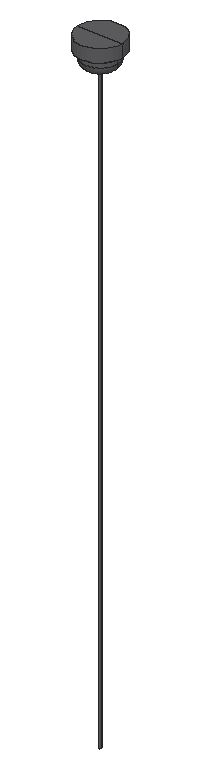
Revit family "OSGG(24,30,36) MB", category Lighting Fixtures, Revit 2020
Family settings
  Round Connector Dimension = Use Diameter
  Part Type = Normal
  OmniClass Number = 23.80.70.00
  OmniClass Title = Lighting
  Work Plane-Based = No
  Always vertical = Yes
  Cut with Voids When Loaded = No
  Light Source = Yes
  Shared = No
  Room Calculation Point = No
Parameters (values of type "OSGG 24")
  Weight = "19 lb"
  Wattage Comments = "200W Max"
  Wattage = 2.4 W
  Warranty = "5 year limited warranty"  # constant formula
  built-in parameter 1150110 = 1 (stored number, unit not read)
  Voltage = 277 V
  URL = "https://www.anplighting.com/assets/Uploads/product-attachments/specification-sheets/ANP-Specification-Sheet-RLM-MB-OSGG24.pdf"
  built-in parameter 1114217 = 1 (stored number, unit not read)
  Tilt Angle = 90.00°
  built-in parameter 1150109 = 1 (stored number, unit not read)
  built-in parameter 1150134 = 12
  built-in parameter 1150113 = 1 (stored number, unit not read)
  OSGG36 = no
  OSGG30 = no
  OSGG24 = yes
  Mounting Option [instance] = 1
  Power Factor = 1
  Post Mount [instance] = Mounting Option = 5  # no
  Placement X axis side [instance] = if(Post Mount, 2' 2 15/32", if(Cord or Stem Mount, 0' 0", if(E36 20 inch, 1' 8 1/4", if(E 6 26 inch, 2' 2", if(E7 41 inch, 3' 5 1/4", 0' 1")))))  # 0' - 0"
  Photometric Web File = "OSGG36M037LDDW35K.ies"
  Model = "OSGG 24"
  Manufacturer = "ANP Lighting"  # constant formula
  built-in parameter 1150105 = 238.73 (stored number, unit not read)
  Lumens = 3000 lm
  built-in parameter 1150115 = 1 (stored number, unit not read)
  Load Classification = Lighting
  Light Source Height [instance] = if(OSGG24, 1' 7 1/2", if(OSGG30, 1' 0", if(OSGG36, 2' 7", 1' 7 1/2")))  # 1' - 7 1/2"
  built-in parameter 1150137 = (empty or 0)
  built-in parameter 1150139 = (empty or 0)
  Light Elevation _2 [instance] = if(Post Mount, 0' 0.66142", if(E7 41 inch, 0' 0.66142", if(E36 20 inch, 0' 1.65748", if(E 6 26 inch, 0' 1.53543", if(Cord or Stem Mount, (0' 4.3622" + Cord Length), 0' 0")))))  # 6' - 4.3622"
  Light Elevation _1 [instance] = if(Post Mount, 0' 0", if(E7 41 inch, 0' 0", if(E36 20 inch, 0' 1", if(E 6 26 inch, 0' 0.87402", if(Cord or Stem Mount, (0' 3.66142" + Cord Length), 0' 0")))))  # 6' - 3.66142"
  Light Elevation [instance] = if(Post Mount, 14' 0.5315", if(E7 41 inch, 0' 0", 0' 0"))  # 0' - 0"
  Life = "L70 50,000 hours"  # constant formula
  built-in parameter 1150112 = 1 (stored number, unit not read)
  built-in parameter 1150114 = 1 (stored number, unit not read)
  Lamp = "MB"
  Inside body material = INSIDE BODY
  built-in parameter 1150132 = 2
  built-in parameter 1150102 = (empty or 0)
  built-in parameter 1150107 = 4000 (stored number, unit not read)
  built-in parameter 1150138 = (empty or 0)
  built-in parameter 1150106 = 2.3873 (stored number, unit not read)
  Fixture Height = 2' - 2"
  Fixture Diameter = 2' - 0"
  Efficiency = "65-125 lumens per watt"  # constant formula
  built-in parameter 1150104 = 116.13 (stored number, unit not read)
  E7 41 inch [instance] = Mounting Option = 4  # no
  E36 20 inch [instance] = Mounting Option = 3  # no
  E 6 26 inch [instance] = Mounting Option = 2  # no
  Dimming Lamp Color Temperature Shift = <None>
  Dimming = "1%"  # constant formula
  Description = "120-277 Voltage"  # constant formula
  Default Elevation = 0' - 0"
  Cord or Stem Mount [instance] = Mounting Option = 1  # yes
  Cord Length option [instance] = 0
  Cord Length [instance] = if([2' Cord], 2' 0", if([4' Cord], 4' 0", if([8' Cord], 8' 0", if([10' Cord], 10' 0", if([6' Cord], 6' 0", 6' 0")))))  # 6' - 0"
  Construction Material = "Heavy Duty spun aluminum."  # constant formula
  Color Filter = 16777215
  CRI = ">90"  # constant formula
  Bulb = Bulb
  Body Material = body
  Body Colour = "Spun aluminium"  # constant formula
  built-in parameter 1114218 = 1 (stored number, unit not read)
  built-in parameter 1150133 = 10 (stored number, unit not read)
  Apparent Load = 200 VA
  8' Cord [instance] = Cord Length option = 8  # no
  6' Cord [instance] = Cord Length option = 6  # no
  4' Cord [instance] = Cord Length option = 4  # no
  2' Cord [instance] = Cord Length option = 2  # no
  10' Cord [instance] = Cord Length option = 10  # no
Types (4): name | Weight | URL | built-in parameter 1150134 | OSGG36 | OSGG30 | OSGG24 | Model | Light Source Height | built-in parameter 1150107 | Fixture Height | Fixture Diameter
  (no name) | "19 lb" | "https://www.anplighting.com/assets/Uploads/product-attachments/specification-sheets/ANP-Specification-Sheet-RLM-MB-OSGG24.pdf" | 12 | no | no | yes | "OSGG 24" | 1' - 7 1/2" | 4000 (stored number, unit not read) | 2' - 2" | 2' - 0"
  OSGG 24 | "19 lb" | "https://www.anplighting.com/assets/Uploads/product-attachments/specification-sheets/ANP-Specification-Sheet-RLM-MB-OSGG24.pdf" | 12 | no | no | yes | "OSGG 24" | 1' - 7 1/2" | 4000 (stored number, unit not read) | 2' - 2" | 2' - 0"
  OSGG 30 | "15 lb" | "https://www.anplighting.com/assets/Uploads/product-attachments/specification-sheets/ANP-Specification-Sheet-RLM-MB-OSDD30.pdf" | 12 | no | yes | no | "OSGG 30" | 1' - 0" | 4000 (stored number, unit not read) | 1' - 7" | 2' - 6"
  OSGG 36 | "41 lb" | "https://www.anplighting.com/assets/Uploads/product-attachments/specification-sheets/ANP-Specification-Sheet-RLM-MB-OSGG36.pdf" | (empty or 0) | yes | no | no | "OSGG 36" | 2' - 7" | 3500 (stored number, unit not read) | 3' - 4" | 3' - 0"
Reference planes (in)
  plane 1 "Light Source Axis (F/B)": y = 0
  plane 2: z = 0
  plane 3 "Light Source Axis (L/R)": x = 0
  plane 4 "Light Source Elevation": z = 0
  plane 5: z = 0
  plane 6: x = 0
  plane 7 "Bulb Position": z = -76.3622
  plane 8 "Canopy Position": z = -75.66142
  plane 9 "IES": z = -95.8622
Dimensions and locks (in)
  "Light Elevation": plane 5 to plane 2
  "Placement X axis side": plane 6 to plane 3 "Light Source Axis (L/R)"
  "Light Elevation _2": plane 5 to plane 7 "Bulb Position"
  "Light Elevation _1": plane 5 to plane 8 "Canopy Position"
  "Light Source Height": plane 7 "Bulb Position" to plane 9 "IES"
  locked: plane 4 "Light Source Elevation" to plane 2
  aligned and locked: level to plane 2
  aligned and locked: plane 1 "Light Source Axis (F/B)" to nested 5
  aligned and locked: nested 5 to plane 2
  aligned and locked: nested 1 to plane 3 "Light Source Axis (L/R)"
  aligned and locked: plane 3 "Light Source Axis (L/R)" to nested 2
  aligned and locked: plane 3 "Light Source Axis (L/R)" to nested 4
  aligned and locked: nested 3 to plane 5
  aligned and locked: plane 3 "Light Source Axis (L/R)" to nested 3
  aligned and locked: plane 3 "Light Source Axis (L/R)" to nested 5
  aligned and locked: plane 1 "Light Source Axis (F/B)" to nested 2
  aligned and locked: plane 1 "Light Source Axis (F/B)" to nested 1
  aligned and locked: plane 1 "Light Source Axis (F/B)" to nested 4
  aligned and locked: plane 1 "Light Source Axis (F/B)" to nested 3
  aligned and locked: plane 2 to nested 1
  aligned and locked: plane 2 to nested 2
  aligned and locked: nested 4 to plane 2
  aligned and locked: imposter light to plane 9 "IES"
  aligned and locked: imposter light to plane 6
  aligned and locked: nested 6 to plane 8 "Canopy Position"
  aligned and locked: nested 6 to plane 6
  aligned and locked: nested 7 to plane 8 "Canopy Position"
  aligned and locked: nested 7 to plane 3 "Light Source Axis (L/R)"
  aligned and locked: nested 8 to plane 8 "Canopy Position"
  aligned and locked: nested 8 to plane 3 "Light Source Axis (L/R)"
Nested families (in)
  nested 1: "CORD OR STEM MOUNT" at (0, 0, -75.67), visible <- "Cord or Stem Mount", Cord or Stem Mount <- "Cord or Stem Mount", Body Material <- "Body Material", Light Elevation <- "Light Elevation", Cord Length <- "Cord Length", 10' Cord <- "10' Cord", 2' Cord <- "2' Cord", 4' Cord <- "4' Cord", 6' Cord <- "6' Cord", 8' Cord <- "8' Cord", type "CORD OR STEM MOUNT"
    with Light Elevation 0' - 0", Cord or Stem Mount yes, Cord Length 6' - 0", Body Material body, 8' Cord no, 6' Cord no, 4' Cord no, 2' Cord no, 10' Cord no
  nested 2: "E6 26 INCH" at (0, 0, 0), visible <- "E 6 26 inch", Chain Length <- "Cord Length", E 6 26 inch <- "E 6 26 inch", Placement X axis side <- "Placement X axis side", Body Material <- "Body Material", Light Elevation <- "Light Elevation", type "E6 26 INCH"
    with Placement X axis side 0' - 0", Light Elevation 0' - 0", E 6 26 inch no, Chain Length 6' - 0", Body Material body
  nested 3: "E7 41 INCH" at (0, 0, 0), Chain Length <- "Cord Length", visible <- "E7 41 inch", E7 41 inch <- "E7 41 inch", Placement X axis side <- "Placement X axis side", Body Material <- "Body Material", Light Elevation <- "Light Elevation", type "E7 41 INCH"
    with Placement X axis side 0' - 0", Light Elevation 0' - 0", E7 41 inch no, Chain Length 6' - 0", Body Material body
  nested 4: "E36 20 INCH" at (0, 0, 0), visible <- "E36 20 inch", E36 20 inch <- "E36 20 inch", Placement X axis side <- "Placement X axis side", Chain Length <- "Cord Length", Body Material <- "Body Material", Light Elevation <- "Light Elevation", type "E36 20 INCH"
    with Placement X axis side 0' - 0", Light Elevation 0' - 0", E36 20 inch no, Chain Length 6' - 0", Body Material body
  nested 5: "POST MOUNT" at (0, 0, 0), visible <- "Post Mount", Post Mount <- "Post Mount", Placement X axis side <- "Placement X axis side", Chain Length <- "Cord Length", Body Material <- "Body Material", Light Elevation <- "Light Elevation", type "POST MOUNT"
    with Post Mount no, Placement X axis side 0' - 0", Light Elevation 0' - 0", Chain Length 6' - 0", Body Material body
  nested 6: "OSGG 24 MB" at (0, 0, -75.66142), Light Elevation <- "Light Elevation", Body <- "Body Material", visible <- "OSGG30", Inside <- "Inside body material", OSGG24 <- "OSGG24", type "OSGG 24 MB"
    with OSGG24 yes, Light Elevation 0' - 0", Inside INSIDE BODY, Body body
  nested 7: "OSGG 30 MB" at (0, 0, -94.65708), visible <- "OSGG30", type "OSGG 30 MB"
    with OSGG 30 MB no
  nested 8: "OSGG 36 MBrfa" at (0, 0, -75.66142), Body <- "Body Material", Light Elevation <- "Light Elevation", visible <- "OSGG36", type "OSGG 36 MBrfa"
    with Light Elevation 0' - 0", Body body, OSGG36 no
Definition of nested family "CORD OR STEM MOUNT"
  Parameters (values of type "CORD OR STEM MOUNT")
    URL = ""
    Model = ""
    Manufacturer = ""
    Light Elevation [instance] = 1' - 7.69"
    Default Elevation = 0' - 0"
    Cord or Stem Mount [instance] = yes
    Cord Length [instance] = 6' - 0"
    Body Material [instance] = none
    8' Cord [instance] = no
    6' Cord [instance] = no
    4' Cord [instance] = no
    2' Cord [instance] = no
    10' Cord [instance] = no
  Reference planes (in)
    plane 1 "Light Source Axis (F/B)": y = 0
    plane 2: z = 0
    plane 3 "Light Source Axis (L/R)": x = 0
    plane 4 "Light Source Elevation": z = 23.125
    plane 5: z = 91.69
    plane 6: z = 19.69
  Forms (in)
    Extrusion 1, void, not visible
      sketch origin (0, 0, 2.38154) x (1, 0, 0) y (0, 0, 1)
        loop
          circle (0, 4.59925) r 0.16583
      from 1.18594 to 1.75
    Extrusion 2, void, not visible
      sketch origin (0, 0, 2.38154) x (0.707107, -0.707107, 0) y (0, 0, 1)
        loop
          circle (0, 4.59925) r 0.16583
      from 1.18594 to 1.75
    Extrusion 3, void, not visible
      sketch origin (0, 0, 2.38154) x (0.707107, 0.707107, 0) y (0, 0, 1)
        loop
          circle (0, 4.59925) r 0.16583
      from 1.18594 to 1.75
    Extrusion 4, void, not visible
      sketch origin (0, 0, 2.38154) x (0, 1, 0) y (0, 0, 1)
        loop
          circle (0, 4.59925) r 0.16583
      from 1.18594 to 1.75
    Extrusion 5, void, not visible
      sketch origin (0, 0, 2.38154) x (-0.707107, 0.707107, 0) y (0, 0, 1)
        loop
          circle (0, 4.59925) r 0.16583
      from 1.18594 to 1.75
    Extrusion 6, void, not visible
      sketch origin (0, 0, 2.38154) x (-1, 0, 0) y (0, 0, 1)
        loop
          circle (0, 4.59925) r 0.20678
      from 1.18594 to 1.75
    Extrusion 7, void, not visible
      sketch origin (0, 0, 2.38154) x (-0.707107, -0.707107, 0) y (0, 0, 1)
        loop
          circle (0, 4.59925) r 0.16583
      from 1.18594 to 1.75
    Extrusion 8, void, not visible
      sketch origin (0, 0, 2.38154) x (0, -1, 0) y (0, 0, 1)
        loop
          circle (0, 4.59925) r 0.16583
      from 1.18594 to 1.75
    Revolve 9, solid, material <- "Body Material", visible <- "Cord or Stem Mount"
      sketch origin (0, 0, 174.56698) x (1, 0, 0) y (0, 0, 1)
        loop
          line (2.6875, -79.20698) -> (0, -79.20698) -> (0, -82.87698) -> (0.125, -82.87698) -> (0.125, -82.83698) -> (0.75, -82.83698)
          arc (0.75, -82.83698) -> (0.81694, -82.77004) -> (0.75, -82.7031) r 0.06694
          line (0.75, -82.7031) -> (0.89763, -82.7031) -> (1.00223, -82.5985) -> (1.06587, -82.5985)
          arc (1.06587, -82.5985) -> (1.80099, -82.29401) -> (2.10549, -81.55888) r 1.03962
          line (2.10549, -81.55888) -> (2.10549, -81.03899)
          arc (2.10549, -81.03899) -> (2.12951, -80.981) -> (2.1875, -80.95698) r 0.08201
          line (2.1875, -80.95698) -> (2.1875, -80.70698) -> (2.6875, -80.70698) -> (2.6875, -79.20698)
        axis (0, -79.20698) -> (0, -82.87698)
      angle from 0 to 360
    Revolve 10, solid, material <- "Body Material", visible <- "Cord or Stem Mount"
      sketch origin (0, 0, 0) x (1, 0, 0) y (0, 0, 1)
        loop
          line (0, 91.69) -> (-0.125, 91.69) -> (-0.125, 19.69) -> (0, 19.69) -> (0, 91.69)
        axis (0, 19.69) -> (0, 91.69)
      angle from 0 to 360
  Dimensions and locks (in)
    "Light Elevation": plane 6 to plane 2
    "Cord Length": plane 5 to plane 6
    locked: Revolve 10 sketch curve to Revolve 10 sketch curve at 0.125
    aligned and locked: level to plane 2
    aligned and locked: Revolve 10 sketch curve to plane 3 "Light Source Axis (L/R)"
    aligned and locked: Revolve 10 sketch curve to plane 6
    aligned and locked: Revolve 10 sketch curve to plane 5
    aligned and locked: plane 3 "Light Source Axis (L/R)" to Revolve 10 sketch curve
  Automatic sketch dimensions
    Revolve 9 sketch curve to plane 3 "Light Source Axis (L/R)" = 0' - 0"  (x2)
    Revolve 9 sketch curve to plane 5 = 0' - 0"
    plane 3 "Light Source Axis (L/R)" to Revolve 9 sketch curve = 0' - 0 1/8"
    Revolve 9 sketch curve to plane 5 = 0' - 0.17388"
    Revolve 9 sketch curve to Revolve 9 sketch curve = 0' - 0 5/8"
    Revolve 9 sketch curve to Revolve 9 sketch curve = 0' - 0.14763"
    Revolve 9 sketch curve to plane 5 = 0' - 0.27847"
    Revolve 9 sketch curve to Revolve 9 sketch curve = 0' - 0.1046"
    Revolve 9 sketch curve to Revolve 9 sketch curve = 0' - 0.06364"
    Revolve 9 sketch curve to Revolve 9 sketch curve = 0' - 1.03962"
    Revolve 9 sketch curve to Revolve 9 sketch curve = 0' - 0 21/256"
    Revolve 9 sketch curve to Revolve 9 sketch curve = 0' - 0 1/2"  (x2)
    Revolve 9 sketch curve to Revolve 9 sketch curve = 0' - 0.51989"
    Revolve 9 sketch curve to Revolve 9 sketch curve = 0' - 0 1/4"
    Revolve 9 sketch curve to Revolve 9 sketch curve = 0' - 2.3519"
    Revolve 9 sketch curve to Revolve 9 sketch curve = 0' - 1 1/4"
    Revolve 9 sketch curve to Revolve 9 sketch curve = 0' - 0.04"
    Revolve 10 sketch curve to Revolve 10 sketch curve = 0' - 0 1/2"
    Revolve 10 sketch curve to Revolve 10 sketch curve = 0' - 0.42345"
Definition of nested family "OSGG 24 MB"
  Parameters (values of type "OSGG 24 MB")
    OSGG24 [instance] = yes
    Light Elevation [instance] = 0' - 0"
    Inside [instance] = none
    Default Elevation = 0' - 0"
    Bulb = none
    Body [instance] = none
  Reference planes (in)
    plane 1 "Center (Front/Back)": y = 0
    plane 2: z = 0
    plane 3 "Center (Left/Right)": x = 0
    plane 4: z = 0
  Forms (in)
    Revolve 1, solid, material <- "Bulb", visible <- "OSGG24"
      sketch origin (0, 0, 0) x (1, 0, 0) y (0, 0, 1)
        loop
          line (0, -15.84727) -> (1.34446, -15.84727) -> (1.34446, -14.09727) -> (0.5, -14.09727) -> (0.5, -12.90668) -> (0, -12.90668) -> (0, -15.84727)
        axis (0, -15.84727) -> (0, -12.90668)
      angle from 0 to 360
  Dimensions and locks (in)
    "Light Elevation": plane 4 to plane 2
    locked: Revolve 1 to Revolve 1 at 2.94059
    locked: Revolve 1 sketch curve to Revolve 1 sketch curve at 1.75
    locked: Revolve 1 sketch curve to nested 1 at 0.5
    locked: plane 4 to Revolve 1 at 15.84727
    aligned and locked: plane 2 to level
    aligned and locked: plane 3 "Center (Left/Right)" to nested 1
    aligned and locked: plane 1 "Center (Front/Back)" to nested 1
    aligned and locked: plane 4 to nested 1
  Automatic sketch dimensions
    Revolve 1 sketch curve to plane 3 "Center (Left/Right)" = 0' - 0"  (x2)
    plane 3 "Center (Left/Right)" to Revolve 1 sketch curve = 0' - 1.34446"
    Revolve 1 sketch curve to Revolve 1 sketch curve = 0' - 1.19059"
    Revolve 1 sketch curve to Revolve 1 sketch curve = 0' - 1 1/4"
    Revolve 1 sketch curve to Revolve 1 sketch curve = 0' - 1 3/4"
    Revolve 1 sketch curve to level = 1' - 3.84727"
  Nested families (in)
    nested 1: "Family6" at (0, 0, -25.84727), visible <- "OSGG24", Body <- "Body", OSGG24 <- "OSGG24", type "Family6"
      with OSGG24 yes, Body none
  Definition of nested family "Family6"
    Parameters (values of type "Family6")
      OSGG24 [instance] = yes
      Inside = none
      Default Elevation = 0' - 0"
      Body [instance] = none
    Reference planes (in)
      plane 1 "Center (Front/Back)": y = 0
      plane 2: z = 0
      plane 3 "Center (Left/Right)": x = 0
    Forms (in)
      Revolve 1, solid, material <- "Body", visible <- "OSGG24"
        sketch origin (0, 0, 0) x (1, 0, 0) y (0, 0, 1)
          loop
            arc (6.76836, 21.48215) -> (5.23025, 23.35827) -> (3.35412, 24.89638) r 12.31222
            arc (3.35412, 24.89638) -> (2.37066, 25.44931) -> (1.31493, 25.84727) r 7.44433
            line (1.31493, 25.84727) -> (0.65747, 25.84727) -> (0.65747, 25.75352) -> (1.30145, 25.75352)
            arc (1.30145, 25.75352) -> (2.33711, 25.36152) -> (3.30212, 24.81838) r 7.35058
            arc (3.30212, 24.81838) -> (5.16396, 23.29198) -> (6.69036, 21.43014) r 12.21847
            arc (6.69036, 21.43014) -> (8.86909, 17.35698) -> (10.22296, 12.94059) r 23.88272
            line (10.22296, 12.94059) -> (10.31862, 12.94059)
            arc (10.31862, 12.94059) -> (8.95931, 17.3842) -> (6.76836, 21.48215) r 23.97647
          axis (0, 25.84727) -> (0, 12.94059)
        angle from 0 to 360
      Revolve 2, solid, material <- "Body", visible <- "OSGG24"
        sketch origin (0, 0, 0) x (1, 0, 0) y (0, 0, 1)
          loop
            arc (10.36202, 12.81253) -> (10.30887, 12.89675) -> (10.21854, 12.93867) r 0.1761
            arc (10.21854, 12.93867) -> (10.16457, 12.96453) -> (10.13454, 13.01628) r 0.10157
            line (10.13454, 13.01628) -> (10.04477, 13.40508) -> (9.95343, 13.38399) -> (10.04319, 12.99519)
            arc (10.04319, 12.99519) -> (10.10096, 12.89567) -> (10.20473, 12.84594) r 0.19532
            arc (10.20473, 12.84594) -> (10.24697, 12.82634) -> (10.27182, 12.78696) r 0.08235
            arc (10.27182, 12.78696) -> (11.56674, 6.45454) -> (11.90623, 0) r 43.37224
            line (11.90623, 0) -> (12, 0)
            arc (12, 0) -> (11.6596, 6.46745) -> (10.36202, 12.81253) r 43.46599
          axis (0, 13.40508) -> (0, 0)
        angle from 0 to 360
      Revolve 3, solid, material <- "Body"
        sketch origin (0, 0, 0) x (1, 0, 0) y (0, 0, 1)
          loop
            line (0, 13.38399) -> (-9.95343, 13.38399) -> (-10.06374, 12.94059) -> (0, 12.94059) -> (0, 13.38399)
          axis (0, 12.94059) -> (0, 13.38399)
        angle from 0 to 360
      Revolve 4, solid, material <- "Inside", visible <- "OSGG24"
        sketch origin (0.09344, 0, 0) x (1, 0, 0) y (0, 0, 1)
          loop
            arc (10.09639, 12.81253) -> (10.04325, 12.89675) -> (9.95291, 12.93867) r 0.1761
            arc (9.95291, 12.93867) -> (9.89895, 12.96453) -> (9.86891, 13.01628) r 0.10157
            line (9.86891, 13.01628) -> (9.78271, 13.38967) -> (9.7507, 13.38228) -> (9.84006, 12.99519)
            arc (9.84006, 12.99519) -> (9.89783, 12.89567) -> (10.00161, 12.84594) r 0.19532
            arc (10.00161, 12.84594) -> (10.04385, 12.82634) -> (10.0687, 12.78696) r 0.08235
            arc (10.0687, 12.78696) -> (11.36362, 6.45454) -> (11.7031, 0) r 43.37224
            line (11.7031, 0) -> (11.73438, 0)
            arc (11.73438, 0) -> (11.39398, 6.46745) -> (10.09639, 12.81253) r 43.46599
          axis (-0.09344, 13.38967) -> (-0.09344, 0)
        angle from 0 to 360
    Dimensions and locks (in)
      aligned and locked: plane 2 to level
Definition of nested family "E6 26 INCH"
  Parameters (values of type "E6 26 INCH")
    URL = ""
    Placement X axis side [instance] = 2' - 2"
    Model = ""
    Manufacturer = ""
    Light Elevation [instance] = 8' - 4"
    E 6 26 inch [instance] = yes
    Default Elevation = 0' - 0"
    Chain Length [instance] = 0' - 0"
    Body Material [instance] = none
  Reference planes (in)
    plane 1 "Light Source Axis (F/B)": y = 0
    plane 2: z = 0
    plane 3 "Light Source Axis (L/R)": x = 0
    plane 4 "Light Source Elevation": z = 23.125
    plane 5: z = 100
    plane 6: x = -26
    plane 7: z = 99.125
    plane 8: x = -24.12
    plane 9: x = -25.5474
  Forms (in)
    Extrusion 1, void, not visible
      sketch origin (0, 0, 2.38154) x (1, 0, 0) y (0, 0, 1)
        loop
          circle (0, 4.59925) r 0.16583
      from 1.18594 to 1.75
    Extrusion 2, void, not visible
      sketch origin (0, 0, 2.38154) x (0.707107, -0.707107, 0) y (0, 0, 1)
        loop
          circle (0, 4.59925) r 0.16583
      from 1.18594 to 1.75
    Extrusion 3, void, not visible
      sketch origin (0, 0, 2.38154) x (0.707107, 0.707107, 0) y (0, 0, 1)
        loop
          circle (0, 4.59925) r 0.16583
      from 1.18594 to 1.75
    Extrusion 4, void, not visible
      sketch origin (0, 0, 2.38154) x (0, 1, 0) y (0, 0, 1)
        loop
          circle (0, 4.59925) r 0.16583
      from 1.18594 to 1.75
    Extrusion 5, void, not visible
      sketch origin (0, 0, 2.38154) x (-0.707107, 0.707107, 0) y (0, 0, 1)
        loop
          circle (0, 4.59925) r 0.16583
      from 1.18594 to 1.75
    Extrusion 6, void, not visible
      sketch origin (0, 0, 2.38154) x (-1, 0, 0) y (0, 0, 1)
        loop
          circle (0, 4.59925) r 0.20678
      from 1.18594 to 1.75
    Extrusion 7, void, not visible
      sketch origin (0, 0, 2.38154) x (-0.707107, -0.707107, 0) y (0, 0, 1)
        loop
          circle (0, 4.59925) r 0.16583
      from 1.18594 to 1.75
    Extrusion 8, void, not visible
      sketch origin (0, 0, 2.38154) x (0, -1, 0) y (0, 0, 1)
        loop
          circle (0, 4.59925) r 0.16583
      from 1.18594 to 1.75
    Sweep 9, solid, material <- "Body Material", visible <- "E 6 26 inch"
      path origin (-41.25, 0, 168.51693) x (1, 0, 0) y (0, 0, 1)
        loop
          line (17.13, -68.51693) -> (27.68551, -68.51693)
          arc (27.68551, -68.51693) -> (28.47996, -68.34486) -> (29.13202, -67.8595) r 1.92004
          line (29.13202, -67.8595) -> (34.23651, -62.01155)
          arc (34.23651, -62.01155) -> (38.65464, -60.89667) -> (41.25, -64.64193) r 4
          line (41.25, -64.64193) -> (41.25, -69.39193)
      profile origin (-18.84224, 0, 100) x (0, 0, 1) y (0, -1, 0)
        loop
          circle (0, 0) r 0.5
    Revolve 10, solid, material <- "Body Material", visible <- "E 6 26 inch"
      sketch origin (-26, 0, 168.51693) x (1, 0, 0) y (0, 0, 1)
        loop
          line (0, -66.07943) -> (0, -68.51693) -> (1.88, -68.51693) -> (1.88, -67.69272) -> (0.4526, -67.69272) -> (0.4526, -66.54122) -> (0.33125, -66.54122) -> (0.33125, -66.07943) -> (0, -66.07943)
        axis (0, -68.51693) -> (1.88, -68.51693)
      angle from 0 to 360
    Extrusion 11, solid, material <- "Body Material", visible <- "E 6 26 inch"
      sketch origin (-26, 0, 168.51693) x (0, -1, 0) y (0, 0, -1)
        loop
          line (0.25, 68.51693) -> (0.25, 69.51693) -> (-0.25, 69.51693) -> (-0.25, 68.51693) -> (0.25, 68.51693)
      from 0.4526 to 1.88
  Cuts and joins
    joined: Revolve 10, Extrusion 11
  Dimensions and locks (in)
    "Light Elevation": plane 5 to plane 2
    "Placement X axis side": plane 3 "Light Source Axis (L/R)" to plane 6
    locked: plane 5 to plane 7 at 0.875
    Revolve 10 sketch curve to Revolve 10 sketch curve to Revolve 10 sketch curve to plane 6 = 0' - 1.4274" locked, 0' - 0.12135" locked, 0' - 0.33125" locked
    Revolve 10 sketch curve to Revolve 10 sketch curve to Revolve 10 sketch curve to plane 5 = 0' - 0.46179" locked, 0' - 1.1515" locked, 0' - 0 211/256" locked
    locked: Sweep 9 sketch curve to plane 6 at 1.88
    locked: Sweep 9 sketch curve to Sweep 9 sketch curve at 10.55551
    locked: Sweep 9 sketch curve to Sweep 9 sketch curve at 13.56449
    locked: Sweep 9 sketch curve to Sweep 9 sketch curve at 4.75
    locked: plane 9 to plane 6 at 0.4526
    locked: plane 8 to plane 9 at 1.4274
    aligned and locked: level to plane 2
    aligned and locked: Revolve 10 sketch curve to plane 6
    aligned and locked: plane 5 to Revolve 10 sketch curve
    aligned and locked: Revolve 10 sketch curve to plane 5
    aligned and locked: cut or joined group of Revolve 10, Extrusion 11 to plane 9
    aligned and locked: plane 8 to cut or joined group of Revolve 10, Extrusion 11
  Automatic sketch dimensions
    Sweep 9 sketch curve to plane 5 = 0' - 0"
    Sweep 9 sketch curve to Sweep 9 sketch curve = 0' - 4"
    Sweep 9 sketch curve to Sweep 9 sketch curve = 0' - 3.01349"
    plane 5 to Sweep 9 sketch curve = 0' - 0.65743"
    Sweep 9 sketch curve to Sweep 9 sketch curve = 0' - 1.4465"
    Sweep 9 sketch curve to plane 5 = 0' - 0 7/8"
    profile plane to Sweep 9 sketch curve = 0' - 0"
    Sweep 9 sketch curve to profile plane = 0' - 0"
    plane 6 to Revolve 10 sketch curve = 0' - 0.62562"
    Revolve 10 sketch curve to Revolve 10 sketch curve = 0' - 0 1/2"
    Extrusion 11 sketch curve to plane 5 = 0' - 0"
    plane 1 "Light Source Axis (F/B)" to Extrusion 11 sketch curve = 0' - 0 1/4"
    Extrusion 11 sketch curve to plane 1 "Light Source Axis (F/B)" = 0' - 0 1/4"
    plane 5 to Extrusion 11 sketch curve = 0' - 1"
    radius of Sweep 9 sketch curve = 0' - 0 1/2"
Definition of nested family "E7 41 INCH"
  Parameters (values of type "E7 41 INCH")
    URL = ""
    Placement X axis side [instance] = 4' - 2"
    Model = ""
    Manufacturer = ""
    Light Elevation [instance] = 8' - 4"
    E7 41 inch [instance] = yes
    Default Elevation = 0' - 0"
    Chain Length [instance] = 0' - 0"
    Body Material [instance] = none
  Reference planes (in)
    plane 1 "Light Source Axis (F/B)": y = 0
    plane 2: z = 0
    plane 3 "Light Source Axis (L/R)": x = 0
    plane 4 "Light Source Elevation": z = 23.125
    plane 5: z = 100
    plane 6: x = -50
  Forms (in)
    Extrusion 1, void, not visible
      sketch origin (0, 0, 2.38154) x (1, 0, 0) y (0, 0, 1)
        loop
          circle (0, 4.59925) r 0.16583
      from 1.18594 to 1.75
    Extrusion 2, void, not visible
      sketch origin (0, 0, 2.38154) x (0.707107, -0.707107, 0) y (0, 0, 1)
        loop
          circle (0, 4.59925) r 0.16583
      from 1.18594 to 1.75
    Extrusion 3, void, not visible
      sketch origin (0, 0, 2.38154) x (0.707107, 0.707107, 0) y (0, 0, 1)
        loop
          circle (0, 4.59925) r 0.16583
      from 1.18594 to 1.75
    Extrusion 4, void, not visible
      sketch origin (0, 0, 2.38154) x (0, 1, 0) y (0, 0, 1)
        loop
          circle (0, 4.59925) r 0.16583
      from 1.18594 to 1.75
    Extrusion 5, void, not visible
      sketch origin (0, 0, 2.38154) x (-0.707107, 0.707107, 0) y (0, 0, 1)
        loop
          circle (0, 4.59925) r 0.16583
      from 1.18594 to 1.75
    Extrusion 6, void, not visible
      sketch origin (0, 0, 2.38154) x (-1, 0, 0) y (0, 0, 1)
        loop
          circle (0, 4.59925) r 0.20678
      from 1.18594 to 1.75
    Extrusion 7, void, not visible
      sketch origin (0, 0, 2.38154) x (-0.707107, -0.707107, 0) y (0, 0, 1)
        loop
          circle (0, 4.59925) r 0.16583
      from 1.18594 to 1.75
    Extrusion 8, void, not visible
      sketch origin (0, 0, 2.38154) x (0, -1, 0) y (0, 0, 1)
        loop
          circle (0, 4.59925) r 0.16583
      from 1.18594 to 1.75
    Revolve 9, solid, material <- "Body Material", visible <- "E7 41 inch"
      sketch origin (-41.25, 0, 168.39193) x (1, 0, 0) y (0, 0, 1)
        loop
          line (-8.75, -66.20443) -> (-8.75, -68.51693) -> (-6.87, -68.51693) -> (-6.87, -67.69272) -> (-8.2974, -67.69272) -> (-8.2974, -66.54122) -> (-8.41875, -66.54122) -> (-8.41875, -66.20443) -> (-8.75, -66.20443)
        axis (-8.75, -68.51693) -> (-6.87, -68.51693)
      angle from 0 to 360
    Extrusion 10, solid, material <- "Body Material", visible <- "E7 41 inch"
      sketch origin (-41.25, 0, 168.39193) x (0, -1, 0) y (0, 0, -1)
        loop
          line (0.25, 68.51693) -> (0.25, 69.51693) -> (-0.25, 69.51693) -> (-0.25, 68.51693) -> (0.25, 68.51693)
      from -8.2974 to -6.87
    Sweep 11, solid, material <- "Body Material", visible <- "E7 41 inch"
      path origin (-41.25, 0, 168.39193) x (1, 0, 0) y (0, 0, 1)
        loop
          line (-6.87, -68.51693) -> (16.04011, -68.51693)
          arc (16.04011, -68.51693) -> (17.864, -68.13651) -> (19.38375, -67.0587) r 4.5625
          line (19.38375, -67.0587) -> (24.70217, -61.33018)
          arc (24.70217, -61.33018) -> (29.64465, -60.20324) -> (32.5, -64.39193) r 4.5
          line (32.5, -64.39193) -> (32.5, -68.39193)
      profile origin (-36.66494, 0, 99.875) x (0, 0, 1) y (0, -1, 0)
        loop
          circle (0, 0) r 0.5
  Dimensions and locks (in)
    "Placement X axis side": plane 3 "Light Source Axis (L/R)" to plane 6
    "Light Elevation": plane 5 to plane 2
    locked: Revolve 9 sketch curve to Revolve 9 sketch curve at 0.33125
    locked: Revolve 9 sketch curve to Revolve 9 sketch curve at 0.4526
    locked: Revolve 9 sketch curve to Revolve 9 sketch curve at 1.88
    locked: Revolve 9 sketch curve to Revolve 9 sketch curve at 0.82421
    locked: Revolve 9 sketch curve to Revolve 9 sketch curve at 1.1515
    locked: Revolve 9 sketch curve to Revolve 9 sketch curve at 0.33679
    locked: plane 5 to Revolve 9 sketch curve at 0.125
    locked: Extrusion 10 sketch curve to Extrusion 10 sketch curve at 0.5
    locked: Extrusion 10 sketch curve to Extrusion 10 sketch curve at 1
    locked: plane 5 to Extrusion 10 sketch curve at 0.125
    locked: plane 5 to Sweep 11 sketch curve at 0.125
    locked: Sweep 11 sketch curve to Sweep 11 sketch curve at 39.37
    locked: Sweep 11 sketch curve to Sweep 11 sketch curve at 4
    locked: plane 6 to Extrusion 10 at 0.4526
    locked: Sweep 11 sketch curve to plane 6 at 1.88
    locked: Extrusion 10 to Extrusion 10 at 1.4274
    aligned and locked: plane 2 to level
    aligned and locked: Revolve 9 sketch curve to plane 6
  Automatic sketch dimensions
    Revolve 9 sketch curve to plane 5 = 0' - 0 1/8"
    plane 6 to Revolve 9 sketch curve = 0' - 0.62562"
    Revolve 9 sketch curve to Revolve 9 sketch curve = 0' - 0 1/2"
    plane 1 "Light Source Axis (F/B)" to Extrusion 10 sketch curve = 0' - 0 1/4"
    Sweep 11 sketch curve to plane 5 = 0' - 0"
    Sweep 11 sketch curve to Sweep 11 sketch curve = 0' - 4 1/2"
    Sweep 11 sketch curve to Sweep 11 sketch curve = 0' - 3.29783"
    plane 5 to Sweep 11 sketch curve = 0' - 1.33323"
    Sweep 11 sketch curve to Sweep 11 sketch curve = 0' - 5.31842"
    Sweep 11 sketch curve to Sweep 11 sketch curve = 0' - 3.34364"
    profile plane to Sweep 11 sketch curve = 0' - 0"
    Sweep 11 sketch curve to profile plane = 0' - 0"
    radius of Sweep 11 sketch curve = 0' - 0 1/2"
Definition of nested family "E36 20 INCH"
  Parameters (values of type "E36 20 INCH")
    URL = ""
    Placement X axis side [instance] = 1' - 8 1/4"
    Model = ""
    Manufacturer = ""
    Light Elevation [instance] = 8' - 4"
    E36 20 inch [instance] = yes
    Default Elevation = 0' - 0"
    Chain Length [instance] = 0' - 0"
    Body Material [instance] = none
  Reference planes (in)
    plane 1 "Light Source Axis (F/B)": y = 0
    plane 2: z = 0
    plane 3 "Light Source Axis (L/R)": x = 0
    plane 4 "Light Source Elevation": z = 23.125
    plane 5: z = 99
    plane 6: x = -20.25
    plane 7: z = 100
    plane 8: x = -18.37008
    plane 9: x = -19.79724
  Forms (in)
    Extrusion 1, void, not visible
      sketch origin (0, 0, 2.38154) x (1, 0, 0) y (0, 0, 1)
        loop
          circle (0, 4.59925) r 0.16583
      from 1.18594 to 1.75
    Extrusion 2, void, not visible
      sketch origin (0, 0, 2.38154) x (0.707107, -0.707107, 0) y (0, 0, 1)
        loop
          circle (0, 4.59925) r 0.16583
      from 1.18594 to 1.75
    Extrusion 3, void, not visible
      sketch origin (0, 0, 2.38154) x (0.707107, 0.707107, 0) y (0, 0, 1)
        loop
          circle (0, 4.59925) r 0.16583
      from 1.18594 to 1.75
    Extrusion 4, void, not visible
      sketch origin (0, 0, 2.38154) x (0, 1, 0) y (0, 0, 1)
        loop
          circle (0, 4.59925) r 0.16583
      from 1.18594 to 1.75
    Extrusion 5, void, not visible
      sketch origin (0, 0, 2.38154) x (-0.707107, 0.707107, 0) y (0, 0, 1)
        loop
          circle (0, 4.59925) r 0.16583
      from 1.18594 to 1.75
    Extrusion 6, void, not visible
      sketch origin (0, 0, 2.38154) x (-1, 0, 0) y (0, 0, 1)
        loop
          circle (0, 4.59925) r 0.20678
      from 1.18594 to 1.75
    Extrusion 7, void, not visible
      sketch origin (0, 0, 2.38154) x (-0.707107, -0.707107, 0) y (0, 0, 1)
        loop
          circle (0, 4.59925) r 0.16583
      from 1.18594 to 1.75
    Extrusion 8, void, not visible
      sketch origin (0, 0, 2.38154) x (0, -1, 0) y (0, 0, 1)
        loop
          circle (0, 4.59925) r 0.16583
      from 1.18594 to 1.75
    Sweep 9, solid, material <- "Body Material", visible <- "E36 20 inch"
      path origin (-41.25, 0, 169.51693) x (1, 0, 0) y (0, 0, 1)
        loop
          line (22.88, -69.51693) -> (28.93827, -69.51693)
          arc (28.93827, -69.51693) -> (29.97705, -69.28152) -> (30.81284, -68.62128) r 2.40953
          line (30.81284, -68.62128) -> (34.13807, -64.50378)
          arc (34.13807, -64.50378) -> (38.58272, -63.24548) -> (41.25, -67.01693) r 4
          line (41.25, -67.01693) -> (41.25, -70.51693)
      profile origin (-15.34086, 0, 100) x (0, 0, 1) y (0, -1, 0)
        loop
          circle (0, 0) r 0.5
    Revolve 10, solid, material <- "Body Material", visible <- "E36 20 inch"
      sketch origin (-20.25, 0, 169.51693) x (1, 0, 0) y (0, 0, 1)
        loop
          line (0, -67.20443) -> (0, -69.51693) -> (1.88, -69.51693) -> (1.88, -68.69272) -> (0.4526, -68.69272) -> (0.4526, -67.54122) -> (0.33125, -67.54122) -> (0.33125, -67.20443) -> (0, -67.20443)
        axis (0, -69.51693) -> (1.88, -69.51693)
      angle from 0 to 360
    Extrusion 11, solid, material <- "Body Material", visible <- "E36 20 inch"
      sketch origin (-20.25, 0, 169.51693) x (0, -1, 0) y (0, 0, -1)
        loop
          line (0.25, 69.51693) -> (0.25, 70.51693) -> (-0.25, 70.51693) -> (-0.25, 69.51693) -> (0.25, 69.51693)
      from 1.87992 to 0.45276
  Cuts and joins
    joined: Revolve 10, Extrusion 11
  Dimensions and locks (in)
    "Light Elevation": plane 7 to plane 2
    "Placement X axis side": plane 3 "Light Source Axis (L/R)" to plane 6
    locked: plane 7 to plane 5 at 1
    Revolve 10 sketch curve to Revolve 10 sketch curve to Revolve 10 sketch curve to plane 7 = 0' - 0.33679" locked, 0' - 1.1515" locked, 0' - 0 211/256" locked
    locked: Sweep 9 sketch curve to plane 6 at 1.88
    locked: Sweep 9 sketch curve to Sweep 9 sketch curve at 6.05827
    locked: Sweep 9 sketch curve to Sweep 9 sketch curve at 12.31173
    locked: Sweep 9 sketch curve to Sweep 9 sketch curve at 3.5
    Revolve 10 sketch curve to Revolve 10 sketch curve to Revolve 10 sketch curve to plane 6 = 0' - 1.4274" locked, 0' - 0.12135" locked, 0' - 0.33125" locked
    locked: plane 9 to plane 6 at 0.45276
    locked: plane 8 to plane 9 at 1.42717
    aligned and locked: level to plane 2
    aligned and locked: plane 7 to Revolve 10 sketch curve
    aligned and locked: Revolve 10 sketch curve to plane 7
    aligned and locked: Revolve 10 sketch curve to plane 6
    aligned and locked: cut or joined group of Revolve 10, Extrusion 11 to plane 9
    aligned and locked: plane 8 to cut or joined group of Revolve 10, Extrusion 11
  Automatic sketch dimensions
    Sweep 9 sketch curve to plane 7 = 0' - 0"
    Sweep 9 sketch curve to plane 5 = 0' - 0"
    Sweep 9 sketch curve to Sweep 9 sketch curve = 0' - 4"
    Sweep 9 sketch curve to plane 7 = 0' - 0.89565"
    Sweep 9 sketch curve to Sweep 9 sketch curve = 0' - 3.32523"
    Sweep 9 sketch curve to Sweep 9 sketch curve = 0' - 1.87457"
    profile plane to Sweep 9 sketch curve = 0' - 0"
    Sweep 9 sketch curve to profile plane = 0' - 0"
    plane 6 to Revolve 10 sketch curve = 0' - 0.62562"
    Revolve 10 sketch curve to Revolve 10 sketch curve = 0' - 0 1/2"
    plane 7 to Extrusion 11 sketch curve = 0' - 0"
    Extrusion 11 sketch curve to plane 5 = 0' - 0"
    plane 1 "Light Source Axis (F/B)" to Extrusion 11 sketch curve = 0' - 0 1/4"
    Extrusion 11 sketch curve to plane 1 "Light Source Axis (F/B)" = 0' - 0 1/4"
    radius of Sweep 9 sketch curve = 0' - 0 1/2"
Definition of nested family "POST MOUNT"
  Parameters (values of type "POST MOUNT")
    URL = ""
    Post Mount [instance] = yes
    Placement X axis side [instance] = 2' - 2 1/2"
    Model = ""
    Manufacturer = ""
    Light Elevation [instance] = 14' - 0.5168"
    Default Elevation = 0' - 0"
    Chain Length [instance] = 0' - 0"
    Body Material [instance] = none
  Reference planes (in)
    plane 1 "Light Source Axis (F/B)": y = 0
    plane 2: z = 0
    plane 3 "Light Source Axis (L/R)": x = 0
    plane 4 "Light Source Elevation": z = 23.125
    plane 5: x = -26.5
    plane 6: z = 168.5168
  Forms (in)
    Extrusion 1, void, not visible
      sketch origin (0, 0, 2.38154) x (1, 0, 0) y (0, 0, 1)
        loop
          circle (0, 4.59925) r 0.16583
      from 1.18594 to 1.75
    Extrusion 2, void, not visible
      sketch origin (0, 0, 2.38154) x (0.707107, -0.707107, 0) y (0, 0, 1)
        loop
          circle (0, 4.59925) r 0.16583
      from 1.18594 to 1.75
    Extrusion 3, void, not visible
      sketch origin (0, 0, 2.38154) x (0.707107, 0.707107, 0) y (0, 0, 1)
        loop
          circle (0, 4.59925) r 0.16583
      from 1.18594 to 1.75
    Extrusion 4, void, not visible
      sketch origin (0, 0, 2.38154) x (0, 1, 0) y (0, 0, 1)
        loop
          circle (0, 4.59925) r 0.16583
      from 1.18594 to 1.75
    Extrusion 5, void, not visible
      sketch origin (0, 0, 2.38154) x (-0.707107, 0.707107, 0) y (0, 0, 1)
        loop
          circle (0, 4.59925) r 0.16583
      from 1.18594 to 1.75
    Extrusion 6, void, not visible
      sketch origin (0, 0, 2.38154) x (-1, 0, 0) y (0, 0, 1)
        loop
          circle (0, 4.59925) r 0.20678
      from 1.18594 to 1.75
    Extrusion 7, void, not visible
      sketch origin (0, 0, 2.38154) x (-0.707107, -0.707107, 0) y (0, 0, 1)
        loop
          circle (0, 4.59925) r 0.16583
      from 1.18594 to 1.75
    Extrusion 8, void, not visible
      sketch origin (0, 0, 2.38154) x (0, -1, 0) y (0, 0, 1)
        loop
          circle (0, 4.59925) r 0.16583
      from 1.18594 to 1.75
    Revolve 9, solid, material <- "Body Material", visible <- "Post Mount"
      sketch origin (-7.90508, 0, 0) x (1, 0, 0) y (0, 0, 1)
        loop
          line (-18.59492, 3.92912) -> (-16.29831, 3.92912) -> (-16.29831, 4.2668) -> (-16.91413, 4.2668) -> (-16.91413, 134.5168) -> (-17.16413, 134.5168) -> (-17.16413, 137.3918) -> (-17.05979, 137.3918)
          arc (-17.05979, 137.3918) -> (-16.93479, 137.5168) -> (-17.05979, 137.6418) r 0.125
          line (-17.05979, 137.6418) -> (-17.48032, 137.6418) -> (-17.48032, 139.0793) -> (-17.73032, 139.0793) -> (-17.73032, 139.5793) -> (-18.59492, 139.5793) -> (-18.59492, 3.92912)
        axis (-18.59492, 139.5793) -> (-18.59492, 3.92912)
      angle from 0 to 360
    Extrusion 10, solid, material <- "Body Material", visible <- "Post Mount"
      sketch origin (0, 0, 0) x (1, 0, 0) y (0, 1, 0)
        loop
          line (-20.5, 5.93079) -> (-32.5, 5.93079) -> (-32.5, -6.06921) -> (-20.5, -6.06921) -> (-20.5, 5.93079)
      from 0 to 3.92912
    Sweep 11, solid, material <- "Body Material", visible <- "Post Mount"
      path origin (0, 0, 48.5) x (1, 0, 0) y (0, 0, 1)
        loop
          line (0, 120.0168) -> (0, 128.0168)
          arc (0, 128.0168) -> (-13.25, 141.2668) -> (-26.5, 128.0168) r 13.25
          line (-26.5, 128.0168) -> (-26.5, 91.0793)
      profile origin (0, 0, 172.5168) x (-1, 0, 0) y (0, -1, 0)
        loop
          circle (0, 0) r 0.5
    Revolve 12, solid, material <- "Body Material", visible <- "Post Mount"
      sketch origin (0, 0, 0) x (1, 0, 0) y (0, 0, 1)
        loop
          line (0, 168.5168) -> (0.75, 168.5168) -> (0.75, 170.7668) -> (0, 170.7668) -> (0, 168.5168)
        axis (0, 170.7668) -> (0, 168.5168)
      angle from 0 to 360
  Cuts and joins
    joined: Revolve 9, Extrusion 10, Sweep 11, Revolve 12
  Dimensions and locks (in)
    "Placement X axis side": plane 3 "Light Source Axis (L/R)" to plane 5
    "Light Elevation": plane 6 to plane 2
    locked: Revolve 12 sketch curve to plane 5 at 26.5  (x2)
    locked: Revolve 9 sketch curve to plane 2 at 3.92912
    locked: Revolve 9 sketch curve to plane 5 at 2.29661
    locked: Revolve 9 sketch curve to plane 5 at 1.68079
    locked: Revolve 9 sketch curve to plane 5 at 1.43079
    locked: Revolve 9 sketch curve to plane 5 at 1.11461
    locked: Revolve 9 sketch curve to plane 5 at 0.86461
    locked: Revolve 9 sketch curve to Revolve 9 sketch curve at 130.58768
    locked: Revolve 9 sketch curve to Revolve 9 sketch curve at 2.875
    locked: Revolve 9 sketch curve to Revolve 9 sketch curve at 0.25
    locked: Revolve 9 sketch curve to Revolve 9 sketch curve at 1.4375
    locked: Revolve 9 sketch curve to Revolve 9 sketch curve at 0.5
    locked: Sweep 11 sketch curve to Sweep 11 sketch curve at 26.5
    locked: Revolve 12 sketch curve to Revolve 12 sketch curve at 0.75
    locked: cut or joined group of Revolve 9, Extrusion 10, Sweep 11, Revolve 12 to plane 2 at 139.5793
    aligned and locked: level to plane 2
    aligned and locked: plane 5 to Sweep 11 sketch curve
    aligned and locked: Revolve 9 sketch curve to plane 5
  Automatic sketch dimensions
    Revolve 9 sketch curve to plane 5 = 0' - 0"
    Revolve 9 sketch curve to Revolve 9 sketch curve = 0' - 0.10434"
    Revolve 9 sketch curve to Revolve 9 sketch curve = 0' - 0.33768"
    Revolve 9 sketch curve to Revolve 9 sketch curve = 0' - 0 1/4"
    Revolve 9 sketch curve to Revolve 9 sketch curve = 0' - 0 7/16"
    Extrusion 10 sketch curve to plane 5 = 0' - 6"
    plane 5 to Extrusion 10 sketch curve = 0' - 6"
    plane 1 "Light Source Axis (F/B)" to Extrusion 10 sketch curve = 0' - 6.06921"
    Extrusion 10 sketch curve to plane 1 "Light Source Axis (F/B)" = 0' - 5.93079"
    Sweep 11 sketch curve to profile plane = 0' - 0"
    profile plane to Sweep 11 sketch curve = 0' - 0"
    Sweep 11 sketch curve to plane 6 = 0' - 0"
    Sweep 11 sketch curve to plane 6 = 0' - 8"
    plane 6 to Sweep 11 sketch curve = 2' - 4 15/16"
    Revolve 12 sketch curve to plane 6 = 0' - 0"
    Revolve 12 sketch curve to plane 6 = 0' - 2 1/4"
    Revolve 12 sketch curve to Revolve 12 sketch curve = 0' - 0 1/2"
    Revolve 12 sketch curve to Revolve 12 sketch curve = 0' - 0"
    radius of Sweep 11 sketch curve = 0' - 0 1/2"
Definition of nested family "OSGG 30 MB"
  Parameters (values of type "OSGG 30 MB")
    OSGG 30 MB = yes
    Inside Body Material = none
    Default Elevation = 0' - 0"
    Bulb = none
    Body Material = none
  Reference planes (in)
    plane 1 "Center (Front/Back)": y = 0
    plane 2: z = 0
    plane 3 "Center (Left/Right)": x = 0
  Forms (in)
    Revolve 1, solid, material <- "Body Material", visible <- "OSGG 30 MB"
      sketch origin (0, 0, 0) x (1, 0, 0) y (0, 0, 1)
        loop
          line (1.34193, 18.99566) -> (0.40774, 18.99566) -> (0.40774, 18.90191) -> (1.33629, 18.90191)
          arc (1.33629, 18.90191) -> (5.7072, 17.56135) -> (9.34127, 14.78729) r 12.96814
          arc (9.34127, 14.78729) -> (13.47489, 7.90212) -> (14.90625, 0) r 22.33675
          line (14.90625, 0) -> (15, 0)
          arc (15, 0) -> (13.56244, 7.93565) -> (9.41104, 14.84992) r 22.4305
          arc (9.41104, 14.84992) -> (5.74796, 17.64581) -> (1.34193, 18.99566) r 13.06189
        axis (0, 0) -> (0, 18.99566)
      angle from 0 to 360
    Revolve 2, solid, material <- "Inside Body Material", visible <- "OSGG 30 MB"
      sketch origin (0.17545, 0, 0) x (1, 0, 0) y (0, 0, 1)
        loop
          line (1.47211, 18.8316) -> (0.20124, 18.8316) -> (0.20124, 18.73785) -> (1.49867, 18.73785)
          arc (1.49867, 18.73785) -> (5.59291, 17.40359) -> (9.01315, 14.78729) r 12.80226
          arc (9.01315, 14.78729) -> (13.14676, 7.90212) -> (14.57812, 0) r 22.33675
          line (14.57812, 0) -> (14.64063, 0)
          arc (14.64063, 0) -> (13.20306, 7.93565) -> (9.05167, 14.84992) r 22.4305
          arc (9.05167, 14.84992) -> (5.60119, 17.48666) -> (1.47211, 18.8316) r 12.92365
        axis (-0.17545, 0) -> (-0.17545, 18.8316)
      angle from 0 to 360
    Revolve 3, solid, material <- "Bulb", visible <- "OSGG 30 MB"
      sketch origin (0, 0, 0) x (1, 0, 0) y (0, 0, 1)
        loop
          line (0, 17) -> (0.60741, 17) -> (0.60741, 18.45938) -> (0.5, 18.45938) -> (0.5, 18.73785) -> (0, 18.73785) -> (0, 17)
        axis (0, 17) -> (0, 18.73785)
      angle from 0 to 360
  Dimensions and locks (in)
    Revolve 1 to Revolve 1 = 1' - 6.99566"
    Revolve 1 to Revolve 1 = 2' - 6"
    locked: Revolve 3 to plane 2 at 17
    aligned and locked: plane 2 to level
Definition of nested family "OSGG 36 MBrfa"
  Parameters (values of type "OSGG 36 MBrfa")
    OSGG36 = yes
    Light Elevation [instance] = 0' - 0"
    INSIDE = none
    Default Elevation = 0' - 0"
    Body [instance] = none
    BULB = none
  Reference planes (in)
    plane 1 "Center (Front/Back)": y = 0
    plane 2: z = 0
    plane 3 "Center (Left/Right)": x = 0
    plane 4: z = 0
    plane 5: z = -39.93964
    plane 6: z = -22.93964
  Forms (in)
    Revolve 1, solid, material <- "BULB", visible <- "OSGG36"
      sketch origin (0, 0, 0) x (1, 0, 0) y (0, 0, 1)
        loop
          line (0, -22.93964) -> (1.25, -22.93964) -> (1.25, -21.18964) -> (0.5, -21.18964) -> (0.5, -20.07597) -> (0, -20.07597) -> (0, -22.93964)
        axis (0, -22.93964) -> (0, -20.07597)
      angle from 0 to 360
  Dimensions and locks (in)
    "Light Elevation": plane 4 to plane 2
    aligned and locked: plane 2 to level
    aligned and locked: plane 3 "Center (Left/Right)" to nested 1
    aligned and locked: plane 1 "Center (Front/Back)" to nested 1
    aligned and locked: plane 4 to nested 1
  Automatic sketch dimensions
    Revolve 1 sketch curve to plane 3 "Center (Left/Right)" = 0' - 0"  (x2)
    Revolve 1 sketch curve to plane 6 = 0' - 0"
    plane 3 "Center (Left/Right)" to Revolve 1 sketch curve = 0' - 0 1/2"
    plane 3 "Center (Left/Right)" to Revolve 1 sketch curve = 0' - 1 1/4"
    Revolve 1 sketch curve to Revolve 1 sketch curve = 0' - 1 3/4"
    Revolve 1 sketch curve to Revolve 1 sketch curve = 0' - 1.11367"
    plane 6 to Revolve 1 sketch curve = 0' - 0.56036"
    Revolve 1 sketch curve to Revolve 1 sketch curve = 0' - 0 1/2"
  Nested families (in)
    nested 1: "Family8" at (0, 0, -39.93964), visible <- "OSGG36", Body <- "Body", OSGG36 <- "OSGG36", type "Family8"
      with OSGG36 yes, Body none
  Definition of nested family "Family8"
    Parameters (values of type "Family8")
      OSGG36 [instance] = yes
      INSIDE = none
      Default Elevation = 0' - 0"
      Body [instance] = none
    Reference planes (in)
      plane 1 "Center (Front/Back)": y = 0
      plane 2: z = 0
      plane 3 "Center (Left/Right)": x = 0
    Forms (in)
      Revolve 1, solid, material <- "Body", visible <- "OSGG36"
        sketch origin (0, 0, 0) x (1, 0, 0) y (0, 0, 1)
          loop
            line (0.60055, 39.93964) -> (0.60055, 39.84589) -> (1.19267, 39.84589)
            arc (1.19267, 39.84589) -> (4.04715, 38.87752) -> (6.49766, 37.12228) r 10.27232
            arc (6.49766, 37.12228) -> (8.87796, 34.56145) -> (10.8542, 31.67734) r 23.62194
            arc (10.8542, 31.67734) -> (13.63167, 25.94655) -> (15.51711, 19.86367) r 42.29055
            line (15.51711, 19.86367) -> (15.61329, 19.86367)
            arc (15.61329, 19.86367) -> (13.72281, 25.97098) -> (10.93524, 31.72446) r 42.3843
            arc (10.93524, 31.72446) -> (8.95146, 34.61964) -> (6.56213, 37.19035) r 23.71569
            arc (6.56213, 37.19035) -> (4.08576, 38.96307) -> (1.2011, 39.93964) r 10.36607
            line (1.2011, 39.93964) -> (0.60055, 39.93964)
          axis (0, 39.93964) -> (0, 19.86367)
        angle from 0 to 360
      Revolve 2, solid, material <- "Body", visible <- "OSGG36"
        sketch origin (0, 0, 0) x (1, 0, 0) y (0, 0, 1)
          loop
            arc (17.97516, 0) -> (17.46302, 9.69413) -> (15.82562, 19.26269) r 83.23147
            arc (15.82562, 19.26269) -> (15.73988, 19.53719) -> (15.61412, 19.79582) r 1.92114
            arc (15.61412, 19.79582) -> (15.57442, 19.85228) -> (15.5257, 19.90117) r 0.40472
            arc (15.5257, 19.90117) -> (15.37478, 20.07271) -> (15.28022, 20.2807) r 0.77765
            line (15.28022, 20.2807) -> (15.1901, 20.25485)
            arc (15.1901, 20.25485) -> (15.29606, 20.02179) -> (15.46517, 19.82958) r 0.8714
            arc (15.46517, 19.82958) -> (15.50261, 19.79201) -> (15.53311, 19.74863) r 0.31097
            arc (15.53311, 19.74863) -> (15.65273, 19.50262) -> (15.73429, 19.24151) r 1.82739
            arc (15.73429, 19.24151) -> (17.36987, 9.68347) -> (17.8814, 0) r 83.13772
            line (17.8814, 0) -> (17.97516, 0)
          axis (0, 20.2807) -> (0, 0)
        angle from 0 to 360
      Revolve 3, solid, material <- "INSIDE", visible <- "OSGG36"
        sketch origin (-0.1088, 0, 0) x (1, 0, 0) y (0, 0, 1)
          loop
            arc (17.87359, 0) -> (17.36145, 9.69413) -> (15.72406, 19.26269) r 83.23147
            arc (15.72406, 19.26269) -> (15.62327, 19.57399) -> (15.47113, 19.86367) r 1.92114
            line (15.47113, 19.86367) -> (15.35341, 19.86367)
            arc (15.35341, 19.86367) -> (15.41974, 19.81403) -> (15.47061, 19.74863) r 0.31097
            arc (15.47061, 19.74863) -> (15.59023, 19.50262) -> (15.67179, 19.24151) r 1.82739
            arc (15.67179, 19.24151) -> (17.30737, 9.68347) -> (17.8189, 0) r 83.13772
            line (17.8189, 0) -> (17.87359, 0)
          axis (0.1088, 19.86367) -> (0.1088, 0)
        angle from 0 to 360
    Dimensions and locks (in)
      aligned and locked: plane 2 to level
